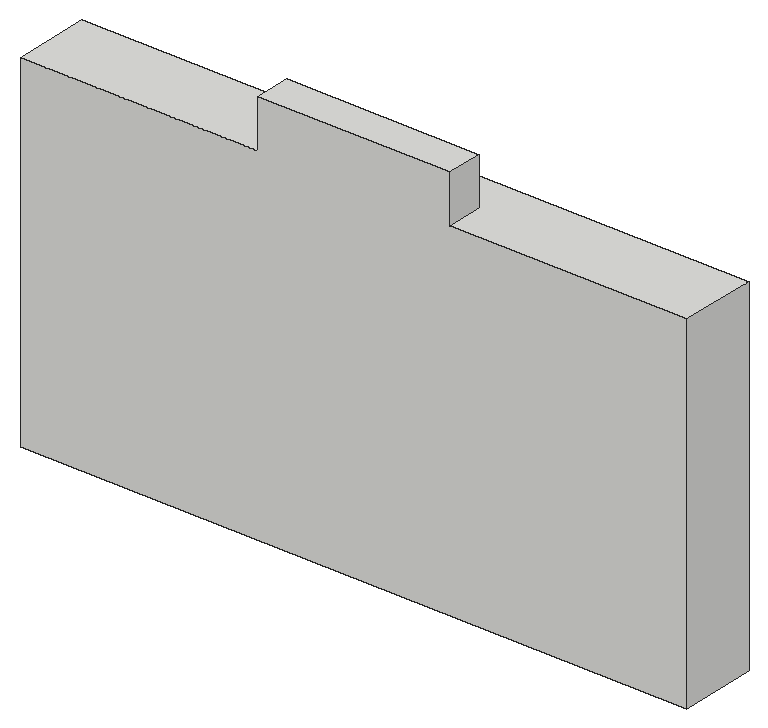
Revit family "T93022 Alu-K M LED 53m 1-s_Vegg", category Lighting Fixtures, Revit 2016
Family settings
  Part Type = Normal
  Round Connector Dimension = Use Diameter
  OmniClass Number = 23.80.70.11.21
  OmniClass Title = Emergency Lighting
  Work Plane-Based = No
  Always vertical = Yes
  Cut with Voids When Loaded = No
  Light Source = Yes
  Shared = No
  Room Calculation Point = No
Parameters (values of type "MarkeringsLys (Venstre)")
  Type Comments = "-UN"
  NS8360 = "4431_WT2"
  Markeringslys normal = no
  Markeringslys ikke normal = yes
  Keynote = "WT2"
  Height 2 = 40 mm
  Width = 63.5 mm
  Wattage Comments = "17 W"
  Wattage = 9.2903 W
  built-in parameter 1150110 = 1 (stored number, unit not read)
  Voltage = 230 V
  URL = ""
  built-in parameter 1114217 = 1 (stored number, unit not read)
  Tilt Angle = 90.00°
  built-in parameter 1150109 = 1 (stored number, unit not read)
  built-in parameter 1150134 = 3
  Symbol Positive Direction [instance] = yes
  Symbol Offset Side [instance] = 0 mm
  Symbol Offset Out [instance] = 0 mm
  built-in parameter 1150113 = 1 (stored number, unit not read)
  Reference Line Out [instance] = 50 mm
  Photometric Web File = "20x42A12.ies"
  Number of Poles = 1
  MarkeringsLys Venstre = yes
  MarkeringsLys Ned = no
  MarkeringsLys Opp = no
  MarkeringsLys Høyre = no
  MarkeringsLys 45 Opp mot venstre = no
  MarkeringsLys 45 Opp mot høyre = no
  MarkeringsLys 45 Ned mot venstre = no
  MarkeringsLys 45 Ned mot høyre = no
  ML = yes
  built-in parameter 1150105 = 109.82 (stored number, unit not read)
  Lumens = 1380 lm
  built-in parameter 1150115 = 1 (stored number, unit not read)
  Load Classification [instance] = Other
  Model = ""
  Manufacturer = "Honeywell"
  built-in parameter 1150137 = (empty or 0)
  built-in parameter 1150139 = (empty or 0)
  Length 1 = 530 mm
  Length = 554 mm
  LedeLys = no
  built-in parameter 1150112 = 1 (stored number, unit not read)
  built-in parameter 1150114 = 1 (stored number, unit not read)
  Lamp = "1"
  built-in parameter 1150132 = (empty or 0)
  built-in parameter 1150102 = (empty or 0)
  built-in parameter 1150107 = 3200 (stored number, unit not read)
  built-in parameter 1150138 = (empty or 0)
  built-in parameter 1150106 = 1.0982 (stored number, unit not read)
  Height 1 = 260 mm
  Height = 290 mm
  Emit from Rectangle Width = Height  # 290 mm
  Emit from Rectangle Length = Length  # 554 mm
  Emit Shape Visible in Rendering = no
  built-in parameter 1150104 = 13.8 (stored number, unit not read)
  Dimming Lamp Color Temperature Shift = <None>
  Description = ""
  Color Filter = 16777215
  Body Material and Colour = Steel
  built-in parameter 1114218 = 1 (stored number, unit not read)
  built-in parameter 1150133 = 10 (stored number, unit not read)
  Assembly Code = "4431"
  Apparent Load = 17 VA
Types (9, lengths in mm): name | NS8360 | Markeringslys normal | Markeringslys ikke normal | MarkeringsLys Venstre | MarkeringsLys Ned | MarkeringsLys Opp | MarkeringsLys Høyre | MarkeringsLys 45 Opp mot venstre | MarkeringsLys 45 Opp mot høyre | MarkeringsLys 45 Ned mot venstre | MarkeringsLys 45 Ned mot høyre | ML | LedeLys | Assembly Code
  LedeLys | "4432_WT2" | no | no | no | no | no | no | no | no | no | no | no | yes | "4432"
  MarkeringsLys (Ned) | "4431_WT2" | yes | no | no | yes | no | no | no | no | no | no | yes | no | "4431"
  MarkeringsLys (Opp) | "4431_WT2" | yes | no | no | no | yes | no | no | no | no | no | yes | no | "4431"
  MarkeringsLys (Venstre) | "4431_WT2" | no | yes | yes | no | no | no | no | no | no | no | yes | no | "4431"
  MarkeringsLys (Høyre) | "4431_WT2" | yes | no | no | no | no | yes | no | no | no | no | yes | no | "4431"
  MarkeringsLys (45 Ned mot høyre) | "4431_WT2" | yes | no | no | no | no | no | no | no | no | yes | yes | no | "4431"
  MarkeringsLys (45 Ned mot venstre) | "4431_WT2" | no | yes | no | no | no | no | no | no | yes | no | yes | no | "4431"
  MarkeringsLys (45 Opp mot høyre) | "4431_WT2" | yes | no | no | no | no | no | no | yes | no | no | yes | no | "4431"
  MarkeringsLys (45 Opp mot venstre) | "4431_WT2" | no | yes | no | no | no | no | yes | no | no | no | yes | no | "4431"
Reference planes
  plane 1 "Light Source Axis (F/B)": y = 119.961
  plane 2 "Top": z = 83
  plane 3 "Light Source Axis (L/R)": x = 0
  plane 4 "Level": z = -40
  plane 5 "Bottom": z = -330
  plane 6: x = -277
  plane 7: x = 277
  plane 8: y = 181.461
  plane 9: y = 183.461
  plane 10: z = -55
  plane 11: x = -265
  plane 12: x = 265
  plane 13: z = -185
  plane 14: z = -315
  plane 15: x = -80
  plane 16: x = 80
  plane 17: y = 149.961
Forms (mm)
  Extrusion 1, solid, material "Steel" <- "Body Material and Colour"
    sketch origin (0, 119.961, 0) x (1, 0, 0) y (0, 0, 1)
      loop
        line (-277, -40) -> (-277, -330) -> (277, -330) -> (277, -40) -> (-277, -40)
    from 0 to -61.5
  Extrusion 2, solid, material "Steel" <- "Body Material and Colour"
    sketch origin (0, 119.961, 0) x (1, 0, 0) y (0, 0, 1)
      loop
        line (-277, -40) -> (-277, -330) -> (277, -330) -> (277, -40) -> (-277, -40)
      loop
        line (-265, -55) -> (-265, -315) -> (265, -315) -> (265, -55) -> (-265, -55)
    from -63.5 to -61.5
  Extrusion 3, solid, material "Steel" <- "Body Material and Colour"
    sketch origin (0, 119.961, 0) x (1, 0, 0) y (0, 0, 1)
      loop
        line (-80, 0) -> (-80, -40) -> (80, -40) -> (80, 0) -> (-80, 0)
    from 0 to -30
Cuts and joins
  joined: Extrusion 1, Extrusion 2, Extrusion 3
Lines and regions (mm)
  model lines, style "InvisibleLines"
    curve 1: line (0, 119.961, 0) -> (0, 169.961, 0)
  symbolic lines, style "InvisibleLines"
    curve 2: line (0, 119.961, 50) -> (0, 119.961, 0)
Dimensions and locks
  equal spacing: plane 6, plane 3 "Light Source Axis (L/R)", plane 7
  "Length": plane 6 to plane 7
  plane 8 to plane 1 "Light Source Axis (F/B)" = 61.5 mm
  locked: plane 9 to plane 8 at 2
  equal spacing: plane 4 "Level", plane 13, plane 5 "Bottom"
  "Height": plane 4 "Level" to plane 5 "Bottom"
  equal spacing: plane 11, plane 3 "Light Source Axis (L/R)", plane 12
  "Length 1": plane 11 to plane 12
  equal spacing: plane 10, plane 13, plane 14
  "Height 1": plane 10 to plane 14
  "Width": plane 1 "Light Source Axis (F/B)" to plane 9
  "Reference Line Out": plane 1 "Light Source Axis (F/B)" to curve 1
  plane 11 to plane 6 = 12 mm
  "Height 2": level to plane 4 "Level"
  equal spacing: plane 16, plane 3 "Light Source Axis (L/R)", plane 15
  locked: plane 16 to plane 15 at 160
  plane 1 "Light Source Axis (F/B)" to plane 17 = 30 mm
  aligned and locked: plane 3 "Light Source Axis (L/R)" to nested 2
  aligned and locked: plane 1 "Light Source Axis (F/B)" to nested 2
  aligned and locked: plane 8 to nested 1
  aligned and locked: plane 4 "Level" to Extrusion 1 sketch curve
  aligned and locked: plane 6 to Extrusion 1 sketch curve
  aligned and locked: plane 5 "Bottom" to Extrusion 1 sketch curve
  aligned and locked: Extrusion 1 sketch curve to plane 7
  aligned and locked: Extrusion 1 to plane 8
  aligned and locked: plane 1 "Light Source Axis (F/B)" to Extrusion 1
  aligned and locked: plane 4 "Level" to Extrusion 2 sketch curve
  aligned and locked: Extrusion 2 sketch curve to plane 7
  aligned and locked: plane 5 "Bottom" to Extrusion 2 sketch curve
  aligned and locked: plane 6 to Extrusion 2 sketch curve
  aligned and locked: Extrusion 2 sketch curve to plane 10
  aligned and locked: Extrusion 2 sketch curve to plane 11
  aligned and locked: plane 14 to Extrusion 2 sketch curve
  aligned and locked: Extrusion 2 sketch curve to plane 12
  aligned and locked: plane 8 to Extrusion 2
  aligned and locked: Extrusion 2 to plane 9
  aligned and locked: nested 1 to plane 13
  aligned and locked: plane 13 to imposter light
  aligned and locked: imposter light to plane 1 "Light Source Axis (F/B)"
  aligned and locked: imposter light to plane 3 "Light Source Axis (L/R)"
  aligned and locked: plane 1 "Light Source Axis (F/B)" to curve 1
  aligned and locked: plane 3 "Light Source Axis (L/R)" to curve 1
  aligned and locked: nested 3 to plane 3 "Light Source Axis (L/R)"
  aligned and locked: plane 13 to nested 3
  aligned and locked: nested 3 to plane 8
  aligned and locked: plane 13 to nested 4
  aligned and locked: nested 4 to plane 3 "Light Source Axis (L/R)"
  aligned and locked: nested 4 to plane 8
  aligned and locked: plane 13 to nested 5
  aligned and locked: nested 5 to plane 3 "Light Source Axis (L/R)"
  aligned and locked: nested 5 to plane 8
  aligned and locked: plane 13 to nested 6
  aligned and locked: nested 6 to plane 3 "Light Source Axis (L/R)"
  aligned and locked: nested 6 to plane 8
  aligned and locked: nested 7 to plane 8
  aligned and locked: nested 7 to plane 3 "Light Source Axis (L/R)"
  aligned and locked: plane 13 to nested 7
  aligned and locked: nested 8 to plane 8
  aligned and locked: nested 8 to plane 3 "Light Source Axis (L/R)"
  aligned and locked: plane 13 to nested 8
  aligned and locked: nested 9 to plane 8
  aligned and locked: nested 9 to plane 13
  aligned and locked: nested 9 to plane 3 "Light Source Axis (L/R)"
  aligned and locked: plane 15 to Extrusion 3 sketch curve
  aligned and locked: Extrusion 3 sketch curve to plane 16
  aligned and locked: Extrusion 3 sketch curve to level
  aligned and locked: Extrusion 3 sketch curve to plane 4 "Level"
  aligned and locked: plane 17 to Extrusion 3
  aligned and locked: plane 3 "Light Source Axis (L/R)" to curve 2
  aligned and locked: level to curve 2
  aligned and locked: plane 3 "Light Source Axis (L/R)" to nested 10
  aligned and locked: plane 1 "Light Source Axis (F/B)" to nested 10
Automatic sketch dimensions
  plane 2 "Top" to curve 2 = 33 mm
Nested families
  nested 1: "Formula 65_ned" at (0, 181.461, -185), type "Formula 65"
  nested 2: "LedelysS" at (0, 119.961, 0), visible <- "LedeLys", type "Type 1"
  nested 3: "Formula 65_skrått 45 grader ned mot høyre" at (0, 181.461, -185) x (-1, 0, 0) z (0, 0, 1), visible <- "LedeLys", type "Formula 65"
  nested 4: "Formula 65_skrått 45 grader ned mot venstre" at (0, 181.461, -185) x (-1, 0, 0) z (0, 0, 1), type "Formula 65"
  nested 5: "Formula 65_skrått 45 grader opp mot høyre" at (0, 181.461, -185) x (-1, 0, 0) z (0, 0, 1), type "Formula 65"
  nested 6: "Formula 65_skrått 45 grader opp mot venstre" at (0, 181.461, -185) x (-1, 0, 0) z (0, 0, 1), type "Formula 65"
  nested 7: "Formula 65_høyre" at (0, 181.461, -185) x (-1, 0, 0) z (0, 0, 1), type "Formula 65"
  nested 8: "Formula 65_opp" at (0, 181.461, -185) x (-1, 0, 0) z (0, 0, 1), type "Formula 65"
  nested 9: "Formula 65_venstre" at (0, 181.461, -185) x (-1, 0, 0) z (0, 0, 1), type "Formula 65"
  nested 10: "MarkeringslysEnkelS" at (0, 119.961, 0), visible <- "ML", type "Type 1"
Connectors
  electrical at (0, 119.961, 0), driven by "Number of Poles", driven by "Load Classification", driven by "Voltage", driven by "Apparent Load"
    settings: index 1, voltage 230 V, apparent load 0 VA, apparent load phase1 17 VA, apparent load phase2 0 VA, apparent load phase3 0 VA, power factor 1, load classification "Other", number of poles 1, system type 31, power factor state 1, is connector primary yes, connector utility no, sub classification motor no, connector description ""
Definition of nested family "Formula 65_venstre"
  Parameters (values of type "Formula 65")
    Venstre = yes
    L = 530 mm
    H = 135 mm
  Reference planes
    plane 1 "Center (Front/Back)": y = 0
    plane 2: z = 0
    plane 3 "Center (Left/Right)": x = 0
    plane 4: y = -2
  Forms (mm)
    Extrusion 1, solid, visible <- "Venstre"
      sketch origin (453.48, 0, -265.275) x (1, 0, 0) y (0, 0, 1)
        loop
          line (-188.48, 395.275) -> (-718.48, 395.275) -> (-718.48, 135.275) -> (-188.48, 135.275) -> (-188.48, 395.275)
        loop
          circle (-393.706, 342.002) r 14.307
        loop
          line (-381.987, 316.837) -> (-389.448, 309.376) -> (-381.083, 294.886) -> (-404.837, 274.954)
          arc (-404.837, 274.954) -> (-406.238, 272.264) -> (-405.326, 269.371) r 3.963
          line (-405.326, 269.371) -> (-401.929, 265.323)
          arc (-401.929, 265.323) -> (-399.239, 263.923) -> (-396.346, 264.835) r 3.963
          line (-396.346, 264.835) -> (-374.376, 283.27) -> (-364.316, 265.845) -> (-387.392, 246.482) -> (-387.392, 183.422)
          arc (-387.392, 183.422) -> (-385.458, 178.751) -> (-380.787, 176.817) r 6.605
          line (-380.787, 176.817) -> (-374.182, 176.817)
          arc (-374.182, 176.817) -> (-369.512, 178.751) -> (-367.577, 183.422) r 6.605
          line (-367.577, 183.422) -> (-367.577, 237.242) -> (-354.256, 248.42) -> (-343.703, 230.143) -> (-275.108, 230.143)
          arc (-275.108, 230.143) -> (-270.438, 232.077) -> (-268.503, 236.747) r 6.605
          line (-268.503, 236.747) -> (-268.503, 243.352)
          arc (-268.503, 243.352) -> (-270.438, 248.023) -> (-275.108, 249.957) r 6.605
          line (-275.108, 249.957) -> (-309.383, 249.957) -> (-342.648, 307.574) -> (-308.277, 300.882) -> (-295.897, 279.439)
          arc (-295.897, 279.439) -> (-293.39, 277.567) -> (-290.307, 278.096) r 3.963
          line (-290.307, 278.096) -> (-285.73, 281.069)
          arc (-285.73, 281.069) -> (-284.012, 283.568) -> (-284.565, 286.551) r 3.963
          line (-284.565, 286.551) -> (-301.791, 313.077) -> (-370.52, 326.459) -> (-381.987, 316.837)
        loop
          line (-598.238, 309.558) -> (-642.52, 265.275) -> (-598.238, 220.992) -> (-571.668, 220.992) -> (-602.666, 251.99) -> (-471.52, 251.99) -> (-471.52, 278.56) -> (-602.666, 278.56) -> (-571.668, 309.558) -> (-598.238, 309.558)
      from 0 to 2
  Dimensions and locks
    aligned and locked: level to plane 2
Definition of nested family "Formula 65_ned"
  Parameters (values of type "Formula 65")
    Ned = no
    L = 205 mm
    H = 135 mm
  Reference planes
    plane 1 "Center (Front/Back)": y = 0
    plane 2: z = 0
    plane 3 "Center (Left/Right)": x = 0
    plane 4: y = -2
  Forms (mm)
    Extrusion 1, solid, visible <- "Ned"
      sketch origin (453.48, 0, -265.275) x (1, 0, 0) y (0, 0, 1)
        loop
          line (-188.48, 395.275) -> (-718.48, 395.275) -> (-718.48, 135.275) -> (-188.48, 135.275) -> (-188.48, 395.275)
        loop
          line (-525.595, 224.058) -> (-525.595, 250.627) -> (-556.593, 219.629) -> (-556.593, 350.775) -> (-583.162, 350.775) -> (-583.162, 219.629) -> (-614.161, 250.627) -> (-614.161, 224.058) -> (-569.878, 179.775) -> (-525.595, 224.058)
        loop
          circle (-393.706, 342.002) r 14.307
        loop
          line (-381.987, 316.837) -> (-389.448, 309.376) -> (-381.083, 294.886) -> (-404.837, 274.954)
          arc (-404.837, 274.954) -> (-406.238, 272.264) -> (-405.326, 269.371) r 3.963
          line (-405.326, 269.371) -> (-401.929, 265.323)
          arc (-401.929, 265.323) -> (-399.239, 263.923) -> (-396.346, 264.835) r 3.963
          line (-396.346, 264.835) -> (-374.376, 283.27) -> (-364.316, 265.845) -> (-387.392, 246.482) -> (-387.392, 183.422)
          arc (-387.392, 183.422) -> (-385.458, 178.751) -> (-380.787, 176.817) r 6.605
          line (-380.787, 176.817) -> (-374.182, 176.817)
          arc (-374.182, 176.817) -> (-369.512, 178.751) -> (-367.577, 183.422) r 6.605
          line (-367.577, 183.422) -> (-367.577, 237.242) -> (-354.256, 248.42) -> (-343.703, 230.143) -> (-275.108, 230.143)
          arc (-275.108, 230.143) -> (-270.438, 232.077) -> (-268.503, 236.747) r 6.605
          line (-268.503, 236.747) -> (-268.503, 243.352)
          arc (-268.503, 243.352) -> (-270.438, 248.023) -> (-275.108, 249.957) r 6.605
          line (-275.108, 249.957) -> (-309.383, 249.957) -> (-342.648, 307.574) -> (-308.277, 300.882) -> (-295.897, 279.439)
          arc (-295.897, 279.439) -> (-293.39, 277.567) -> (-290.307, 278.096) r 3.963
          line (-290.307, 278.096) -> (-285.73, 281.069)
          arc (-285.73, 281.069) -> (-284.012, 283.568) -> (-284.565, 286.551) r 3.963
          line (-284.565, 286.551) -> (-301.791, 313.077) -> (-370.52, 326.459) -> (-381.987, 316.837)
      from 0 to 2
  Dimensions and locks
    aligned and locked: level to plane 2
Definition of nested family "LedelysS"
  Parameters
    CQ Symbol Positive Direction = yes
    CQ Symbol Negative Direction = not(CQ Symbol Positive Direction)  # no
    CQ Symbol Offset Side = 0 mm
    CQ Symbol Offset Out = 0 mm
  Reference planes
    plane 1: y = 0
    plane 2: x = 0
  Dimensions and locks
    "CQ Symbol Offset Out": plane 1 to nested 1
    "CQ Symbol Offset Out": plane 1 to nested 2
    "CQ Symbol Offset Side": plane 2 to nested 2
    "CQ Symbol Offset Side": nested 1 to plane 2
  Nested families
    nested 1: "LedelysSub" at (0, 0, 0), visible <- "CQ Symbol Negative Direction", type "Type 1"
    nested 2: "LedelysSub" at (0, 0, 0), visible <- "CQ Symbol Positive Direction", type "Type 1"
  Definition of nested family "LedelysSub"
    Reference planes
      plane 1: y = 0
      plane 2: x = 0
    Lines and regions (mm)
      detail lines
        curve 1: line (-4, 0, 0) -> (4, 0, 0)
        curve 2: line (4, 0, 0) -> (4, 4, 0)
        curve 3: line (4, 4, 0) -> (-4, 4, 0)
        curve 4: line (-4, 4, 0) -> (-4, 0, 0)
        curve 5: line (-3.097, 0.75, 0) -> (-0.597, 3.25, 0)
        curve 6: line (-3.097, 3.25, 0) -> (-0.597, 0.75, 0)
        curve 7: circle (-1.847, 2, 0) r 1.2 normal (0, 0, 1)
    Text (mm)
      text "LL" at (2.179, 3.025, 0)
Definition of nested family "Formula 65_skrått 45 grader ned mot høyre"
  Parameters (values of type "Formula 65")
    L = 205 mm
    H = 135 mm
    45 ned mot høyre = no
  Reference planes
    plane 1 "Center (Front/Back)": y = 0
    plane 2: z = 0
    plane 3 "Center (Left/Right)": x = 0
    plane 4: y = -2
    plane 5: x = -242.63
    plane 6: x = 245
  Forms (mm)
    Extrusion 1, solid, visible <- "45 ned mot høyre"
      sketch origin (453.48, 0, -265.275) x (1, 0, 0) y (0, 0, 1)
        loop
          line (-188.48, 395.275) -> (-718.48, 395.275) -> (-718.48, 135.275) -> (-188.48, 135.275) -> (-188.48, 395.275)
        loop
          circle (-513.253, 342.002) r 14.307
        loop
          line (-524.972, 316.837) -> (-536.44, 326.459) -> (-605.168, 313.077) -> (-622.394, 286.551)
          arc (-622.394, 286.551) -> (-622.947, 283.568) -> (-621.229, 281.069) r 3.963
          line (-621.229, 281.069) -> (-616.652, 278.096)
          arc (-616.652, 278.096) -> (-613.569, 277.567) -> (-611.062, 279.439) r 3.963
          line (-611.062, 279.439) -> (-598.682, 300.882) -> (-564.311, 307.574) -> (-597.576, 249.957) -> (-631.851, 249.957)
          arc (-631.851, 249.957) -> (-636.521, 248.023) -> (-638.456, 243.352) r 6.605
          line (-638.456, 243.352) -> (-638.456, 236.747)
          arc (-638.456, 236.747) -> (-636.521, 232.077) -> (-631.851, 230.143) r 6.605
          line (-631.851, 230.143) -> (-563.256, 230.143) -> (-552.703, 248.42) -> (-539.382, 237.242) -> (-539.382, 183.422)
          arc (-539.382, 183.422) -> (-537.447, 178.751) -> (-532.777, 176.817) r 6.605
          line (-532.777, 176.817) -> (-526.172, 176.817)
          arc (-526.172, 176.817) -> (-521.502, 178.751) -> (-519.567, 183.422) r 6.605
          line (-519.567, 183.422) -> (-519.567, 246.482) -> (-542.643, 265.845) -> (-532.583, 283.27) -> (-510.613, 264.835)
          arc (-510.613, 264.835) -> (-507.72, 263.923) -> (-505.03, 265.323) r 3.963
          line (-505.03, 265.323) -> (-501.633, 269.371)
          arc (-501.633, 269.371) -> (-500.721, 272.264) -> (-502.122, 274.954) r 3.963
          line (-502.122, 274.954) -> (-525.876, 294.886) -> (-517.511, 309.376) -> (-524.972, 316.837)
        loop
          line (-278.231, 267.443) -> (-297.019, 286.23) -> (-297.019, 242.392) -> (-389.752, 335.126) -> (-408.54, 316.339) -> (-315.806, 223.605) -> (-359.644, 223.605) -> (-340.856, 204.817) -> (-278.231, 204.817) -> (-278.231, 267.443)
      from 0 to 2
  Dimensions and locks
    aligned and locked: level to plane 2
Definition of nested family "Formula 65_skrått 45 grader ned mot venstre"
  Parameters (values of type "Formula 65")
    L = 205 mm
    H = 135 mm
    45 ned mot venstre = no
  Reference planes
    plane 1 "Center (Front/Back)": y = 0
    plane 2: z = 0
    plane 3 "Center (Left/Right)": x = 0
    plane 4: y = -2
  Forms (mm)
    Extrusion 1, solid, visible <- "45 ned mot venstre"
      sketch origin (453.48, 0, -265.275) x (1, 0, 0) y (0, 0, 1)
        loop
          line (-188.48, 395.275) -> (-718.48, 395.275) -> (-718.48, 135.275) -> (-188.48, 135.275) -> (-188.48, 395.275)
        loop
          circle (-393.706, 342.002) r 14.307
        loop
          line (-381.987, 316.837) -> (-389.448, 309.376) -> (-381.083, 294.886) -> (-404.837, 274.954)
          arc (-404.837, 274.954) -> (-406.238, 272.264) -> (-405.326, 269.371) r 3.963
          line (-405.326, 269.371) -> (-401.929, 265.323)
          arc (-401.929, 265.323) -> (-399.239, 263.923) -> (-396.346, 264.835) r 3.963
          line (-396.346, 264.835) -> (-374.376, 283.27) -> (-364.316, 265.845) -> (-387.392, 246.482) -> (-387.392, 183.422)
          arc (-387.392, 183.422) -> (-385.458, 178.751) -> (-380.787, 176.817) r 6.605
          line (-380.787, 176.817) -> (-374.182, 176.817)
          arc (-374.182, 176.817) -> (-369.512, 178.751) -> (-367.577, 183.422) r 6.605
          line (-367.577, 183.422) -> (-367.577, 237.242) -> (-354.256, 248.42) -> (-343.703, 230.143) -> (-275.108, 230.143)
          arc (-275.108, 230.143) -> (-270.438, 232.077) -> (-268.503, 236.747) r 6.605
          line (-268.503, 236.747) -> (-268.503, 243.352)
          arc (-268.503, 243.352) -> (-270.438, 248.023) -> (-275.108, 249.957) r 6.605
          line (-275.108, 249.957) -> (-309.383, 249.957) -> (-342.648, 307.574) -> (-308.277, 300.882) -> (-295.897, 279.439)
          arc (-295.897, 279.439) -> (-293.39, 277.567) -> (-290.307, 278.096) r 3.963
          line (-290.307, 278.096) -> (-285.73, 281.069)
          arc (-285.73, 281.069) -> (-284.012, 283.568) -> (-284.565, 286.551) r 3.963
          line (-284.565, 286.551) -> (-301.791, 313.077) -> (-370.52, 326.459) -> (-381.987, 316.837)
        loop
          line (-619.728, 267.443) -> (-619.728, 204.817) -> (-557.103, 204.817) -> (-538.315, 223.605) -> (-582.153, 223.605) -> (-489.419, 316.339) -> (-508.207, 335.126) -> (-600.94, 242.392) -> (-600.94, 286.23) -> (-619.728, 267.443)
      from 0 to 2
  Dimensions and locks
    aligned and locked: level to plane 2
Definition of nested family "Formula 65_skrått 45 grader opp mot høyre"
  Parameters (values of type "Formula 65")
    L = 205 mm
    H = 135 mm
    45 grader opp mot høyre = no
  Reference planes
    plane 1 "Center (Front/Back)": y = 0
    plane 2: z = 0
    plane 3 "Center (Left/Right)": x = 0
    plane 4: y = -2
  Forms (mm)
    Extrusion 1, solid, visible <- "45 grader opp mot høyre"
      sketch origin (453.48, 0, -265.275) x (1, 0, 0) y (0, 0, 1)
        loop
          line (-188.48, 395.275) -> (-718.48, 395.275) -> (-718.48, 135.275) -> (-188.48, 135.275) -> (-188.48, 395.275)
        loop
          circle (-513.253, 342.002) r 14.307
        loop
          line (-524.972, 316.837) -> (-536.44, 326.459) -> (-605.168, 313.077) -> (-622.394, 286.551)
          arc (-622.394, 286.551) -> (-622.947, 283.568) -> (-621.229, 281.069) r 3.963
          line (-621.229, 281.069) -> (-616.652, 278.096)
          arc (-616.652, 278.096) -> (-613.569, 277.567) -> (-611.062, 279.439) r 3.963
          line (-611.062, 279.439) -> (-598.682, 300.882) -> (-564.311, 307.574) -> (-597.576, 249.957) -> (-631.851, 249.957)
          arc (-631.851, 249.957) -> (-636.521, 248.023) -> (-638.456, 243.352) r 6.605
          line (-638.456, 243.352) -> (-638.456, 236.747)
          arc (-638.456, 236.747) -> (-636.521, 232.077) -> (-631.851, 230.143) r 6.605
          line (-631.851, 230.143) -> (-563.256, 230.143) -> (-552.703, 248.42) -> (-539.382, 237.242) -> (-539.382, 183.422)
          arc (-539.382, 183.422) -> (-537.447, 178.751) -> (-532.777, 176.817) r 6.605
          line (-532.777, 176.817) -> (-526.172, 176.817)
          arc (-526.172, 176.817) -> (-521.502, 178.751) -> (-519.567, 183.422) r 6.605
          line (-519.567, 183.422) -> (-519.567, 246.482) -> (-542.643, 265.845) -> (-532.583, 283.27) -> (-510.613, 264.835)
          arc (-510.613, 264.835) -> (-507.72, 263.923) -> (-505.03, 265.323) r 3.963
          line (-505.03, 265.323) -> (-501.633, 269.371)
          arc (-501.633, 269.371) -> (-500.721, 272.264) -> (-502.122, 274.954) r 3.963
          line (-502.122, 274.954) -> (-525.876, 294.886) -> (-517.511, 309.376) -> (-524.972, 316.837)
        loop
          line (-278.231, 263.107) -> (-278.231, 325.732) -> (-340.856, 325.732) -> (-359.644, 306.945) -> (-315.806, 306.945) -> (-408.54, 214.211) -> (-389.752, 195.423) -> (-297.019, 288.157) -> (-297.019, 244.319) -> (-278.231, 263.107)
      from 0 to 2
  Dimensions and locks
    aligned and locked: level to plane 2
Definition of nested family "Formula 65_skrått 45 grader opp mot venstre"
  Parameters (values of type "Formula 65")
    L = 205 mm
    H = 135 mm
    45 opp mot venstre = no
  Reference planes
    plane 1 "Center (Front/Back)": y = 0
    plane 2: z = 0
    plane 3 "Center (Left/Right)": x = 0
    plane 4: y = -2
  Forms (mm)
    Extrusion 1, solid, visible <- "45 opp mot venstre"
      sketch origin (453.48, 0, -265.275) x (1, 0, 0) y (0, 0, 1)
        loop
          line (-188.48, 395.275) -> (-718.48, 395.275) -> (-718.48, 135.275) -> (-188.48, 135.275) -> (-188.48, 395.275)
        loop
          circle (-393.706, 342.002) r 14.307
        loop
          line (-381.987, 316.837) -> (-389.448, 309.376) -> (-381.083, 294.886) -> (-404.837, 274.954)
          arc (-404.837, 274.954) -> (-406.238, 272.264) -> (-405.326, 269.371) r 3.963
          line (-405.326, 269.371) -> (-401.929, 265.323)
          arc (-401.929, 265.323) -> (-399.239, 263.923) -> (-396.346, 264.835) r 3.963
          line (-396.346, 264.835) -> (-374.376, 283.27) -> (-364.316, 265.845) -> (-387.392, 246.482) -> (-387.392, 183.422)
          arc (-387.392, 183.422) -> (-385.458, 178.751) -> (-380.787, 176.817) r 6.605
          line (-380.787, 176.817) -> (-374.182, 176.817)
          arc (-374.182, 176.817) -> (-369.512, 178.751) -> (-367.577, 183.422) r 6.605
          line (-367.577, 183.422) -> (-367.577, 237.242) -> (-354.256, 248.42) -> (-343.703, 230.143) -> (-275.108, 230.143)
          arc (-275.108, 230.143) -> (-270.438, 232.077) -> (-268.503, 236.747) r 6.605
          line (-268.503, 236.747) -> (-268.503, 243.352)
          arc (-268.503, 243.352) -> (-270.438, 248.023) -> (-275.108, 249.957) r 6.605
          line (-275.108, 249.957) -> (-309.383, 249.957) -> (-342.648, 307.574) -> (-308.277, 300.882) -> (-295.897, 279.439)
          arc (-295.897, 279.439) -> (-293.39, 277.567) -> (-290.307, 278.096) r 3.963
          line (-290.307, 278.096) -> (-285.73, 281.069)
          arc (-285.73, 281.069) -> (-284.012, 283.568) -> (-284.565, 286.551) r 3.963
          line (-284.565, 286.551) -> (-301.791, 313.077) -> (-370.52, 326.459) -> (-381.987, 316.837)
        loop
          line (-637.728, 263.107) -> (-618.94, 244.319) -> (-618.94, 288.157) -> (-526.207, 195.423) -> (-507.419, 214.211) -> (-600.153, 306.945) -> (-556.315, 306.945) -> (-575.103, 325.732) -> (-637.728, 325.732) -> (-637.728, 263.107)
      from 0 to 2
  Dimensions and locks
    aligned and locked: level to plane 2
Definition of nested family "Formula 65_høyre"
  Parameters (values of type "Formula 65")
    L = 205 mm
    Høyre = no
    H = 135 mm
  Reference planes
    plane 1 "Center (Front/Back)": y = 0
    plane 2: z = 0
    plane 3 "Center (Left/Right)": x = 0
    plane 4: y = -2
  Forms (mm)
    Extrusion 1, solid, visible <- "Høyre"
      sketch origin (453.48, 0, -265.275) x (1, 0, 0) y (0, 0, 1)
        loop
          line (-188.48, 395.275) -> (-718.48, 395.275) -> (-718.48, 135.275) -> (-188.48, 135.275) -> (-188.48, 395.275)
        loop
          circle (-513.253, 342.002) r 14.307
        loop
          line (-524.972, 316.837) -> (-536.44, 326.459) -> (-605.168, 313.077) -> (-622.394, 286.551)
          arc (-622.394, 286.551) -> (-622.947, 283.568) -> (-621.229, 281.069) r 3.963
          line (-621.229, 281.069) -> (-616.652, 278.096)
          arc (-616.652, 278.096) -> (-613.569, 277.567) -> (-611.062, 279.439) r 3.963
          line (-611.062, 279.439) -> (-598.682, 300.882) -> (-564.311, 307.574) -> (-597.576, 249.957) -> (-631.851, 249.957)
          arc (-631.851, 249.957) -> (-636.521, 248.023) -> (-638.456, 243.352) r 6.605
          line (-638.456, 243.352) -> (-638.456, 236.747)
          arc (-638.456, 236.747) -> (-636.521, 232.077) -> (-631.851, 230.143) r 6.605
          line (-631.851, 230.143) -> (-563.256, 230.143) -> (-552.703, 248.42) -> (-539.382, 237.242) -> (-539.382, 183.422)
          arc (-539.382, 183.422) -> (-537.447, 178.751) -> (-532.777, 176.817) r 6.605
          line (-532.777, 176.817) -> (-526.172, 176.817)
          arc (-526.172, 176.817) -> (-521.502, 178.751) -> (-519.567, 183.422) r 6.605
          line (-519.567, 183.422) -> (-519.567, 246.482) -> (-542.643, 265.845) -> (-532.583, 283.27) -> (-510.613, 264.835)
          arc (-510.613, 264.835) -> (-507.72, 263.923) -> (-505.03, 265.323) r 3.963
          line (-505.03, 265.323) -> (-501.633, 269.371)
          arc (-501.633, 269.371) -> (-500.721, 272.264) -> (-502.122, 274.954) r 3.963
          line (-502.122, 274.954) -> (-525.876, 294.886) -> (-517.511, 309.376) -> (-524.972, 316.837)
        loop
          line (-292.971, 309.558) -> (-319.541, 309.558) -> (-288.543, 278.56) -> (-419.689, 278.56) -> (-419.689, 251.99) -> (-288.543, 251.99) -> (-319.541, 220.992) -> (-292.971, 220.992) -> (-248.689, 265.275) -> (-292.971, 309.558)
      from 0 to 2
  Dimensions and locks
    aligned and locked: level to plane 2
Definition of nested family "Formula 65_opp"
  Parameters (values of type "Formula 65")
    Up = no
    L = 205 mm
    H = 135 mm
  Reference planes
    plane 1 "Center (Front/Back)": y = 0
    plane 2: z = 0
    plane 3 "Center (Left/Right)": x = 0
    plane 4: y = -2
  Forms (mm)
    Extrusion 1, solid, visible <- "Up"
      sketch origin (453.48, 0, -265.275) x (1, 0, 0) y (0, 0, 1)
        loop
          line (-188.48, 395.275) -> (-718.48, 395.275) -> (-718.48, 135.275) -> (-188.48, 135.275) -> (-188.48, 395.275)
        loop
          circle (-393.706, 342.002) r 14.307
        loop
          line (-381.987, 316.837) -> (-389.448, 309.376) -> (-381.083, 294.886) -> (-404.837, 274.954)
          arc (-404.837, 274.954) -> (-406.238, 272.264) -> (-405.326, 269.371) r 3.963
          line (-405.326, 269.371) -> (-401.929, 265.323)
          arc (-401.929, 265.323) -> (-399.239, 263.923) -> (-396.346, 264.835) r 3.963
          line (-396.346, 264.835) -> (-374.376, 283.27) -> (-364.316, 265.845) -> (-387.392, 246.482) -> (-387.392, 183.422)
          arc (-387.392, 183.422) -> (-385.458, 178.751) -> (-380.787, 176.817) r 6.605
          line (-380.787, 176.817) -> (-374.182, 176.817)
          arc (-374.182, 176.817) -> (-369.512, 178.751) -> (-367.577, 183.422) r 6.605
          line (-367.577, 183.422) -> (-367.577, 237.242) -> (-354.256, 248.42) -> (-343.703, 230.143) -> (-275.108, 230.143)
          arc (-275.108, 230.143) -> (-270.438, 232.077) -> (-268.503, 236.747) r 6.605
          line (-268.503, 236.747) -> (-268.503, 243.352)
          arc (-268.503, 243.352) -> (-270.438, 248.023) -> (-275.108, 249.957) r 6.605
          line (-275.108, 249.957) -> (-309.383, 249.957) -> (-342.648, 307.574) -> (-308.277, 300.882) -> (-295.897, 279.439)
          arc (-295.897, 279.439) -> (-293.39, 277.567) -> (-290.307, 278.096) r 3.963
          line (-290.307, 278.096) -> (-285.73, 281.069)
          arc (-285.73, 281.069) -> (-284.012, 283.568) -> (-284.565, 286.551) r 3.963
          line (-284.565, 286.551) -> (-301.791, 313.077) -> (-370.52, 326.459) -> (-381.987, 316.837)
        loop
          line (-525.595, 306.492) -> (-569.878, 350.775) -> (-614.161, 306.492) -> (-614.161, 279.922) -> (-583.162, 310.92) -> (-583.162, 179.775) -> (-556.593, 179.775) -> (-556.593, 310.92) -> (-525.595, 279.922) -> (-525.595, 306.492)
      from 0 to 2
  Dimensions and locks
    aligned and locked: level to plane 2
Definition of nested family "MarkeringslysEnkelS"
  Parameters (values of type "Type 1")
    Venstre opp 45 = no
    Venstre ned 45 = no
    Venstre = no
    Opp = yes
    Normal = yes
    Ned = no
    Ikke normal = no
    Høyre opp 45 = no
    Høyre ned 45 = no
    Høyre = no
    CQ Symbol Positive Direction = yes
    CQ Symbol Negative Direction = not(CQ Symbol Positive Direction)  # no
    CQ Symbol Offset Side = 0 mm
    CQ Symbol Offset Out = 0 mm
  Reference planes
    plane 1: y = 0
    plane 2: x = 0
  Dimensions and locks
    "CQ Symbol Offset Out": plane 1 to nested 1
    "CQ Symbol Offset Out": plane 1 to nested 2
    "CQ Symbol Offset Side": plane 2 to nested 2
    "CQ Symbol Offset Side": nested 1 to plane 2
  Nested families
    nested 1: "Markeringslys dobbel" at (0, 0, 0), visible <- "CQ Symbol Negative Direction", type "Type 1"
    nested 2: "Markeringslys dobbel" at (0, 0, 0), visible <- "CQ Symbol Positive Direction", type "Type 1"
  Definition of nested family "Markeringslys dobbel"
    Parameters (values of type "Type 1")
      Venstre opp 45 = no
      Venstre ned 45 = no
      Venstre = no
      Opp = yes
      Normal = yes
      Ned = no
      Ikke normal = no
      Høyre opp 45 = no
      Høyre ned 45 = no
      Høyre = no
    Reference planes
      plane 1: y = 0
      plane 2: x = 0
    Lines and regions (mm)
      detail lines
        curve 1: line (-4, 4, 0) -> (4, 4, 0)
        curve 2: line (4, 4, 0) -> (4, 0, 0)
        curve 3: line (-4, 0, 0) -> (-4, 4, 0)
        curve 120: line (4, 0, 0) -> (-4, 0, 0)
      detail lines, visible <- "Ned"
        curve 4: line (-2.346, 0.5, 0) -> (-1.646, 0.5, 0)
        curve 5: line (-2.346, 0.5, 0) -> (-2.346, 2.584, 0)
        curve 6: line (-1.646, 0.5, 0) -> (-1.646, 2.584, 0)
        curve 7: line (-1.996, 3.5, 0) -> (-2.996, 2.5, 0)
        curve 8: line (-2.996, 2.5, 0) -> (-2.996, 1.934, 0)
        curve 9: line (-2.996, 1.934, 0) -> (-2.346, 2.584, 0)
        curve 10: line (-1.996, 3.5, 0) -> (-0.996, 2.5, 0)
        curve 11: line (-0.996, 2.5, 0) -> (-0.996, 1.934, 0)
        curve 12: line (-0.996, 1.934, 0) -> (-1.646, 2.584, 0)
      detail lines, visible <- "Normal"
        curve 13: circle (1.212, 0.614, 0) r 0.3 normal (0, 0, -1)
        curve 14: line (0.986, 3.7, 0) -> (1.395, 3.7, 0)
        curve 15: line (0.986, 3.7, 0) -> (1.823, 2.308, 0)
        curve 16: line (1.823, 2.308, 0) -> (1.461, 1.495, 0)
        curve 17: line (1.069, 2.147, 0) -> (1.461, 1.495, 0)
        curve 18: line (1.069, 2.147, 0) -> (0.487, 2.147, 0)
        curve 19: line (0.487, 2.147, 0) -> (0.487, 1.847, 0)
        curve 20: line (0.487, 1.847, 0) -> (0.899, 1.847, 0)
        curve 21: line (0.899, 1.847, 0) -> (1.307, 1.169, 0)
        curve 22: line (1.395, 3.7, 0) -> (2.104, 2.518, 0)
        curve 23: line (1.307, 1.169, 0) -> (1.753, 0.97, 0)
        curve 24: line (1.753, 0.97, 0) -> (2.625, 0.97, 0)
        curve 25: line (2.625, 0.97, 0) -> (2.99, 1.627, 0)
        curve 26: line (2.99, 1.627, 0) -> (2.769, 1.848, 0)
        curve 27: line (2.769, 1.848, 0) -> (2.457, 1.285, 0)
        curve 28: line (2.104, 2.518, 0) -> (2.259, 3.229, 0)
        curve 29: line (2.259, 3.229, 0) -> (3.557, 3.229, 0)
        curve 30: line (3.557, 3.229, 0) -> (3.457, 2.879, 0)
        curve 31: line (3.457, 2.879, 0) -> (2.541, 2.879, 0)
        curve 32: line (2.541, 2.879, 0) -> (2.4, 2.23, 0)
        curve 33: line (2.4, 2.23, 0) -> (2.021, 1.38, 0)
        curve 34: line (2.021, 1.38, 0) -> (2.457, 1.285, 0)
      detail lines, visible <- "Opp"
        curve 35: line (-1.646, 3.5, 0) -> (-2.346, 3.5, 0)
        curve 36: line (-1.646, 3.5, 0) -> (-1.646, 1.416, 0)
        curve 37: line (-2.346, 3.5, 0) -> (-2.346, 1.416, 0)
        curve 38: line (-1.996, 0.5, 0) -> (-0.996, 1.5, 0)
        curve 39: line (-0.996, 1.5, 0) -> (-0.996, 2.066, 0)
        curve 40: line (-0.996, 2.066, 0) -> (-1.646, 1.416, 0)
        curve 41: line (-1.996, 0.5, 0) -> (-2.996, 1.5, 0)
        curve 42: line (-2.996, 1.5, 0) -> (-2.996, 2.066, 0)
        curve 43: line (-2.996, 2.066, 0) -> (-2.346, 1.416, 0)
      detail lines, visible <- "Høyre"
        curve 44: line (-0.496, 1.65, 0) -> (-0.496, 2.35, 0)
        curve 45: line (-0.496, 1.65, 0) -> (-2.58, 1.65, 0)
        curve 46: line (-0.496, 2.35, 0) -> (-2.58, 2.35, 0)
        curve 47: line (-3.496, 2, 0) -> (-2.496, 1, 0)
        curve 48: line (-2.496, 1, 0) -> (-1.93, 1, 0)
        curve 49: line (-1.93, 1, 0) -> (-2.58, 1.65, 0)
        curve 50: line (-3.496, 2, 0) -> (-2.496, 3, 0)
        curve 51: line (-2.496, 3, 0) -> (-1.93, 3, 0)
        curve 52: line (-1.93, 3, 0) -> (-2.58, 2.35, 0)
      detail lines, visible <- "Ikke normal"
        curve 53: circle (-1.299, 0.614, 0) r 0.3 normal (0, 0, 1)
        curve 54: line (-1.073, 3.7, 0) -> (-1.482, 3.7, 0)
        curve 55: line (-1.073, 3.7, 0) -> (-1.91, 2.308, 0)
        curve 56: line (-1.91, 2.308, 0) -> (-1.548, 1.495, 0)
        curve 57: line (-1.156, 2.147, 0) -> (-1.548, 1.495, 0)
        curve 58: line (-1.156, 2.147, 0) -> (-0.574, 2.147, 0)
        curve 59: line (-0.574, 2.147, 0) -> (-0.574, 1.847, 0)
        curve 60: line (-0.574, 1.847, 0) -> (-0.986, 1.847, 0)
        curve 61: line (-0.986, 1.847, 0) -> (-1.394, 1.169, 0)
        curve 62: line (-1.482, 3.7, 0) -> (-2.192, 2.518, 0)
        curve 63: line (-1.394, 1.169, 0) -> (-1.84, 0.97, 0)
        curve 64: line (-1.84, 0.97, 0) -> (-2.713, 0.97, 0)
        curve 65: line (-2.713, 0.97, 0) -> (-3.077, 1.627, 0)
        curve 66: line (-3.077, 1.627, 0) -> (-2.856, 1.848, 0)
        curve 67: line (-2.856, 1.848, 0) -> (-2.544, 1.285, 0)
        curve 68: line (-2.192, 2.518, 0) -> (-2.346, 3.229, 0)
        curve 69: line (-2.346, 3.229, 0) -> (-3.644, 3.229, 0)
        curve 70: line (-3.644, 3.229, 0) -> (-3.544, 2.879, 0)
        curve 71: line (-3.544, 2.879, 0) -> (-2.628, 2.879, 0)
        curve 72: line (-2.628, 2.879, 0) -> (-2.487, 2.23, 0)
        curve 73: line (-2.487, 2.23, 0) -> (-2.108, 1.38, 0)
        curve 74: line (-2.108, 1.38, 0) -> (-2.544, 1.285, 0)
      detail lines, visible <- "Venstre"
        curve 75: line (0.409, 1.65, 0) -> (0.409, 2.35, 0)
        curve 76: line (0.409, 1.65, 0) -> (2.493, 1.65, 0)
        curve 77: line (0.409, 2.35, 0) -> (2.493, 2.35, 0)
        curve 78: line (3.409, 2, 0) -> (2.409, 1, 0)
        curve 79: line (2.409, 1, 0) -> (1.843, 1, 0)
        curve 80: line (1.843, 1, 0) -> (2.493, 1.65, 0)
        curve 81: line (3.409, 2, 0) -> (2.409, 3, 0)
        curve 82: line (2.409, 3, 0) -> (1.843, 3, 0)
        curve 83: line (1.843, 3, 0) -> (2.493, 2.35, 0)
      detail lines, visible <- "Venstre ned 45"
        curve 84: line (1.096, 0.939, 0) -> (0.601, 1.434, 0)
        curve 85: line (1.096, 0.939, 0) -> (2.57, 2.413, 0)
        curve 86: line (0.601, 1.434, 0) -> (2.075, 2.908, 0)
        curve 87: line (2.97, 3.308, 0) -> (2.97, 1.894, 0)
        curve 88: line (2.97, 1.894, 0) -> (2.57, 1.494, 0)
        curve 89: line (2.57, 1.494, 0) -> (2.57, 2.413, 0)
        curve 90: line (2.97, 3.308, 0) -> (1.556, 3.308, 0)
        curve 91: line (1.556, 3.308, 0) -> (1.156, 2.908, 0)
        curve 92: line (1.156, 2.908, 0) -> (2.075, 2.908, 0)
      detail lines, visible <- "Venstre opp 45"
        curve 93: line (0.601, 2.813, 0) -> (1.096, 3.308, 0)
        curve 94: line (0.601, 2.813, 0) -> (2.075, 1.339, 0)
        curve 95: line (1.096, 3.308, 0) -> (2.57, 1.834, 0)
        curve 96: line (2.97, 0.939, 0) -> (1.556, 0.939, 0)
        curve 97: line (1.556, 0.939, 0) -> (1.156, 1.339, 0)
        curve 98: line (1.156, 1.339, 0) -> (2.075, 1.339, 0)
        curve 99: line (2.97, 0.939, 0) -> (2.97, 2.354, 0)
        curve 100: line (2.97, 2.354, 0) -> (2.57, 2.754, 0)
        curve 101: line (2.57, 2.754, 0) -> (2.57, 1.834, 0)
      detail lines, visible <- "Høyre ned 45"
        curve 102: line (-1.18, 0.517, 0) -> (-0.685, 1.012, 0)
        curve 103: line (-1.18, 0.517, 0) -> (-2.654, 1.991, 0)
        curve 104: line (-0.685, 1.012, 0) -> (-2.159, 2.486, 0)
        curve 105: line (-3.054, 2.886, 0) -> (-3.054, 1.472, 0)
        curve 106: line (-3.054, 1.472, 0) -> (-2.654, 1.072, 0)
        curve 107: line (-2.654, 1.072, 0) -> (-2.654, 1.991, 0)
        curve 108: line (-3.054, 2.886, 0) -> (-1.64, 2.886, 0)
        curve 109: line (-1.64, 2.886, 0) -> (-1.24, 2.486, 0)
        curve 110: line (-1.24, 2.486, 0) -> (-2.159, 2.486, 0)
      detail lines, visible <- "Høyre opp 45"
        curve 111: line (-0.685, 2.391, 0) -> (-1.18, 2.886, 0)
        curve 112: line (-0.685, 2.391, 0) -> (-2.159, 0.917, 0)
        curve 113: line (-1.18, 2.886, 0) -> (-2.654, 1.412, 0)
        curve 114: line (-3.054, 0.517, 0) -> (-1.64, 0.517, 0)
        curve 115: line (-1.64, 0.517, 0) -> (-1.24, 0.917, 0)
        curve 116: line (-1.24, 0.917, 0) -> (-2.159, 0.917, 0)
        curve 117: line (-3.054, 0.517, 0) -> (-3.054, 1.932, 0)
        curve 118: line (-3.054, 1.932, 0) -> (-2.654, 2.332, 0)
        curve 119: line (-2.654, 2.332, 0) -> (-2.654, 1.483, 0)
